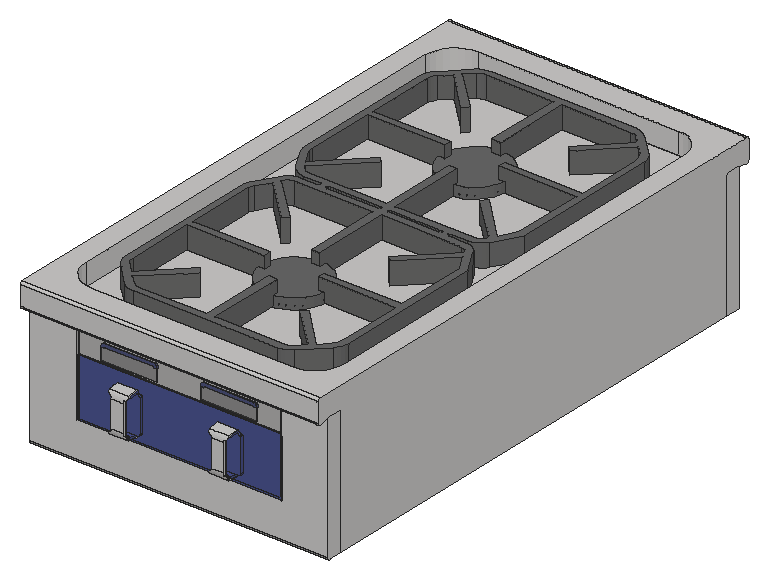
Revit family "QF_ELECTROLUXPROFESSIONAL_589068_MCGDAAEOPO", category Specialty Equipment, Revit 2018
Family settings
  Round Connector Dimension = Use Diameter
  Part Type = Normal
  Work Plane-Based = No
  Always vertical = Yes
  Cut with Voids When Loaded = No
  Shared = No
  Room Calculation Point = No
Parameters
  Weight in Pounds = 90.38
  Watts = 0 W
  URL Cutsheet = ""
  Type Mark [instance] = ""
  Status [instance] = ""
  Specification by User [instance] = ""
  Specification by Manufacturer = ""
  Serial Number = ""
  Seismic Rating = ""
  SMACNA No = ""
  Revision Code [instance] = ""
  Omniclass Number and Title = ""
  NAFEM Spec ID Number = ""
  Model = "589068"
  Mechanical Remarks [instance] = ""
  Mechanical Connection Type [instance] = ""
  Masterspec = ""
  Manufacturer = "ELECTROLUX"
  Item Number [instance] = ""
  Installed By [instance] = ""
  Identify Quantity as Lot [instance] = yes
  HP = "0 HP"
  Gas Size = 1/2"
  Gas RI Height [instance] = 0 mm
  Gas KW = 20
  Gas Input = 68180.0 Btu/h
  Gas Connection Height [instance] = 0 mm
  Furnished By [instance] = ""
  Foodservice Equipment Identifier [instance] = yes
  Direct Waste Size = 0"
  Description = "GAS TOP,2 BURNERS,1-SIDE,500X900X250H"
  CSI MasterFormat = ""
  CSI Master Format = ""
  Back Panel [instance] = yes
Reference planes
  plane 1 "BACK": y = 0
  plane 2: z = 0
  plane 3 "LEFT": x = 0
  plane 4 "RIGHT": x = 500
  plane 5 "FRONT": y = -900
  plane 6 "TOP": z = 250
  plane 7: x = 250
  plane 8: y = -450
  plane 9: x = 465
  plane 10: y = -60.425
Forms (mm)
  Extrusion 1, solid, material "QF_Finishes_Stainless Steel"
    sketch origin (0, -487.128, 0) x (0, 1, 0) y (0, 0, 1)
      loop
        line (483.128, 250) -> (-408.872, 250)
        arc (-408.872, 250) -> (-411.7, 248.828) -> (-412.872, 246) r 4
        line (-412.872, 246) -> (-412.872, 214)
        arc (-412.872, 214) -> (-411.437, 210.931) -> (-408.161, 210.064) r 4
        line (-408.161, 210.064) -> (-392.872, 213) -> (-367.872, 213) -> (-367.872, 0) -> (441.714, 0) -> (441.714, 213) -> (465.765, 213) -> (482.433, 210.061)
        arc (482.433, 210.061) -> (485.699, 210.936) -> (487.128, 214) r 4
        line (487.128, 214) -> (487.128, 246)
        arc (487.128, 246) -> (485.956, 248.828) -> (483.128, 250) r 4
    from 0 to 500
  Extrusion 2, solid, material "QF_Finishes_Stainless Steel", visible <- "Back Panel"
    sketch origin (0, 0.586, 0) x (0, 1, 0) y (0, 0, 1)
      loop
        line (-46, 0) -> (-21, 0) -> (-21, 212.833) -> (-21.949, 213) -> (-46, 213) -> (-46, 0)
    from 0 to 500
  Extrusion 3, void
    sketch origin (653.786, 44.048, 250) x (1, 0, 0) y (0, -1, 0)
      loop
        line (-570.234, 89.462) -> (-235.321, 89.462)
        arc (-235.321, 89.462) -> (-200.694, 103.805) -> (-186.351, 138.432) r 48.97
        line (-186.351, 138.432) -> (-186.351, 850.078)
        arc (-186.351, 850.078) -> (-200.694, 884.705) -> (-235.321, 899.048) r 48.97
        line (-235.321, 899.048) -> (-570.234, 899.048)
        arc (-570.234, 899.048) -> (-605.59, 884.403) -> (-620.234, 849.048) r 50
        line (-620.234, 849.048) -> (-620.234, 139.462)
        arc (-620.234, 139.462) -> (-605.59, 104.107) -> (-570.234, 89.462) r 50
    from 0 to 37
  Extrusion 4, solid, material "QF_Finishes_Stainless Steel"
    sketch origin (10, -759, 0) x (1, 0, 0) y (0, -1, 0)
      loop
        circle (455, -169) r 6.35
    from 0 to 3.2
Cuts and joins
  Extrusion 3 cuts Extrusion 1
Lines and regions (mm)
  symbolic lines
    curve 1: line (0, 0, 0) -> (500, 0, 0)
    curve 2: line (0, -900, 0) -> (0, 0, 0)
    curve 3: line (500, -900, 0) -> (0, -900, 0)
    curve 4: line (500, 0, 0) -> (500, -900, 0)
    curve 5: arc (83.552, -855, 0) -> (48.197, -840.355, 0) -> (33.552, -805, 0) r 50
    curve 6: line (33.552, -805, 0) -> (33.552, -95.414, 0)
    curve 7: arc (33.552, -95.414, 0) -> (48.197, -60.059, 0) -> (83.552, -45.414, 0) r 50
    curve 8: line (83.552, -45.414, 0) -> (418.465, -45.414, 0)
    curve 9: arc (418.465, -45.414, 0) -> (453.092, -59.757, 0) -> (467.435, -94.384, 0) r 48.97
    curve 10: line (467.435, -94.384, 0) -> (467.435, -806.03, 0)
    curve 11: arc (467.435, -806.03, 0) -> (453.092, -840.657, 0) -> (418.465, -855, 0) r 48.97
    curve 12: line (418.465, -855, 0) -> (83.552, -855, 0)
Dimensions and locks
  plane 3 "LEFT" to plane 4 "RIGHT" = 500 mm
  plane 5 "FRONT" to plane 1 "BACK" = 900 mm
  equal spacing: plane 3 "LEFT", plane 7, plane 4 "RIGHT"
  equal spacing: plane 5 "FRONT", plane 8, plane 1 "BACK"
  plane 6 "TOP" to level = 250 mm  (x2)
  plane 1 "BACK" to plane 5 "FRONT" = 900 mm
  Extrusion 4 sketch curve to plane 1 "BACK" = 590 mm
  Extrusion 4 sketch curve to plane 4 "RIGHT" = 35 mm
  plane 1 "BACK" to Extrusion 4 = 590 mm
  plane 9 to plane 4 "RIGHT" = 35 mm
  aligned and locked: level to plane 2
  aligned and locked: plane 7 to nested 1
  aligned and locked: Extrusion 1 to plane 4 "RIGHT"
Automatic sketch dimensions
  Extrusion 1 sketch curve to plane 5 "FRONT" = 0 mm
  Extrusion 1 sketch curve to plane 6 "TOP" = 0 mm
  Extrusion 1 sketch curve to level = 0 mm
  Extrusion 1 sketch curve to plane 1 "BACK" = 0 mm
  Extrusion 1 sketch curve to plane 6 "TOP" = 37 mm  (x2)
  Extrusion 1 sketch curve to plane 5 "FRONT" = 4 mm
  Extrusion 1 sketch curve to plane 5 "FRONT" = 20 mm
  Extrusion 1 sketch curve to plane 5 "FRONT" = 45 mm
  plane 1 "BACK" to Extrusion 1 sketch curve = 21.363 mm
  plane 1 "BACK" to Extrusion 1 sketch curve = 4 mm  (x2)
  Extrusion 1 sketch curve to Extrusion 1 sketch curve = 4 mm
  Extrusion 1 sketch curve to Extrusion 1 sketch curve = 0.711 mm
  plane 1 "BACK" to Extrusion 1 sketch curve = 4.695 mm
  Extrusion 1 sketch curve to Extrusion 1 sketch curve = 0 mm  (x2)
  Extrusion 1 sketch curve to Extrusion 1 sketch curve = 1 mm  (x2)
  plane 1 "BACK" to Extrusion 1 sketch curve = 45.414 mm
  plane 1 "BACK" to curve 1 = 0 mm
  curve 1 to plane 4 "RIGHT" = 0 mm
  curve 2 to plane 3 "LEFT" = 0 mm
  plane 5 "FRONT" to curve 2 = 0 mm
  Extrusion 3 sketch curve to Extrusion 3 sketch curve = 50 mm  (x2)
  Extrusion 1 to Extrusion 3 sketch curve = 81.535 mm  (x2)
  Extrusion 1 to Extrusion 3 sketch curve = 41 mm
  Extrusion 1 to Extrusion 3 sketch curve = 32.565 mm
  Extrusion 1 to Extrusion 3 sketch curve = 33.552 mm
  Extrusion 1 to Extrusion 3 sketch curve = 91.414 mm
  Extrusion 2 sketch curve to level = 0 mm
  plane 10 to Extrusion 2 sketch curve = 15.012 mm
  Extrusion 2 sketch curve to plane 6 "TOP" = 37.167 mm
  Extrusion 2 sketch curve to Extrusion 2 sketch curve = 0.949 mm
  plane 1 "BACK" to Extrusion 2 sketch curve = 20.414 mm
  Extrusion 2 sketch curve to plane 6 "TOP" = 37 mm
  curve 10 to plane 9 = 2.435 mm
  plane 10 to curve 8 = 15.012 mm
  plane 9 to curve 8 = 46.535 mm
  plane 3 "LEFT" to curve 8 = 83.552 mm
  plane 3 "LEFT" to curve 6 = 33.552 mm
  curve 6 to plane 5 "FRONT" = 95 mm
  plane 9 to curve 12 = 46.535 mm
  curve 10 to plane 5 "FRONT" = 93.97 mm
  radius of Extrusion 4 sketch curve = 6.35 mm
Nested families
  nested 1: "EG_900_500_Double Range Control Handle Front Panel" at (202.376, -855, -650), type "EG_900_500_Double Range Control Handle Front Panel"
  nested 2: "OBT_900_Open Burner" at (250, -450.207, -649.319), type "OBT_900_Open Burner"
Connectors
  piping at (465, -590, -3.2), diameter 12.8
    settings: on Extrusion 4, index 1, connector inside diameter 0.50394", connector length 0 mm, flow factor 0, pipe flow 0 GPM, pressure drop 0.00 psi, fitting loss kfactor 0, connector angle 0.00°, fixture units 0, engagement length 0 mm, angle of deflection 0.00°, flow configuration 1, flow direction 1, fitting loss method 0, system type 7, joint type 0, gender type 0, connector reference index -1, connector utility 0, adjustable connector no, is connector primary yes, connector description "GAS CONNECTION"
Definition of nested family "EG_900_500_Double Range Control Handle Front Panel"
  Reference planes
    plane 1 "Center (Front/Back)": y = 0
    plane 2: z = 0
    plane 3 "Center (Left/Right)": x = 47.624
    plane 4: x = -202.376
    plane 5: x = 297.624
    plane 6: y = -45
  Forms (mm)
    Extrusion 1, solid
      sketch origin (833.217, 829.203, -1.25) x (0, 1, 0) y (0, 0, 1)
        loop
          arc (-854.203, 654.25) -> (-853.324, 652.129) -> (-851.203, 651.25) r 3
          line (-851.203, 651.25) -> (-829.203, 651.25) -> (-829.203, 864.25) -> (-854.203, 864.25) -> (-854.203, 654.25)
      from -1035.593 to -535.593
    Extrusion 2, void
      sketch origin (33.217, 829.203, -1.25) x (1, 0, 0) y (0, 0, 1)
        loop
          line (-157.593, 855.116) -> (-157.593, 713.116) -> (186.407, 713.116) -> (186.407, 855.116) -> (-157.593, 855.116)
      from 848.59 to 854.203
  Cuts and joins
    Extrusion 2 cuts Extrusion 1
  Dimensions and locks
    equal spacing: plane 5, plane 3 "Center (Left/Right)", plane 4
    plane 5 to plane 4 = 500 mm
    equal spacing: nested 3, nested 2, nested 1
    aligned and locked: cut or joined group of Extrusion 1, Extrusion 2 to plane 4
    aligned and locked: plane 5 to cut or joined group of Extrusion 1, Extrusion 2
    aligned and locked: plane 3 "Center (Left/Right)" to nested 2
    aligned and locked: cut or joined group of Extrusion 1, Extrusion 2 to nested 2
  Automatic sketch dimensions
    Extrusion 1 sketch curve to plane 1 "Center (Front/Back)" = 0 mm
    plane 1 "Center (Front/Back)" to Extrusion 1 sketch curve = 22 mm
    Extrusion 1 sketch curve to Extrusion 1 sketch curve = 3 mm
    level to Extrusion 1 sketch curve = 650 mm
    Extrusion 1 sketch curve to Extrusion 1 sketch curve = 210 mm
    plane 4 to Extrusion 2 sketch curve = 78 mm
    Extrusion 2 sketch curve to plane 5 = 78 mm
    level to Extrusion 2 sketch curve = 711.866 mm
    Extrusion 2 sketch curve to Extrusion 2 sketch curve = 142 mm
  Nested families
    nested 1: "Range Control Handle" at (-36.126, -28.137, -209.113) x (-1, 0, 0) z (0, 0, 1), type "Range Control Handle"
    nested 2: "glass conrol panel" at (47.624, 280.644, 2.752), type "glass conrol panel"
    nested 3: "Range Control Handle" at (131.374, -28.137, -209.113), type "Range Control Handle"
  Definition of nested family "Range Control Handle"
    Reference planes
      plane 1 "Center (Front/Back)": y = 0
      plane 2: z = 0
      plane 3 "Center (Left/Right)": x = 0
      plane 4: z = 971.092
      plane 5: y = -16.9
    Forms (mm)
      Extrusion 1, solid
        sketch origin (-746.28, 380.497, 208.931) x (-1, 0, 0) y (0, 0, 1)
          loop
            line (-770.101, 786.798) -> (-770.101, 731.649)
            arc (-770.101, 731.649) -> (-769.759, 730.563) -> (-768.855, 729.87) r 1.893
            line (-768.855, 729.87) -> (-763.474, 727.911) -> (-729.81, 727.911) -> (-724.428, 729.87)
            arc (-724.428, 729.87) -> (-723.525, 730.563) -> (-723.183, 731.649) r 1.893
            line (-723.183, 731.649) -> (-723.183, 786.798)
            arc (-723.183, 786.798) -> (-723.529, 787.894) -> (-724.44, 788.593) r 1.91
            line (-724.44, 788.593) -> (-729.683, 790.819) -> (-763.601, 790.819) -> (-768.844, 788.593)
            arc (-768.844, 788.593) -> (-769.755, 787.894) -> (-770.101, 786.798) r 1.91
        from -382.35 to -378.852
      Sweep 2, solid
        path origin (-746.788, 380.496, 208.091) x (0, -1, 0) y (0, 0, 1)
          loop
            line (379.775, 793.281) -> (395.661, 791.048)
            arc (395.661, 791.048) -> (397.781, 787.377) -> (398.517, 783.202) r 12.207
            line (398.517, 783.202) -> (398.517, 737.368)
            arc (398.517, 737.368) -> (397.781, 733.193) -> (395.661, 729.522) r 12.207
            line (395.661, 729.522) -> (379.775, 727.289)
        profile origin (-746.788, -7.222, 1000.256) x (0, -0.139173, 0.990268) y (-1, 0, 0)
          loop
            line (0.782, -763.123) -> (0.782, -730.907) -> (-1.322, -730.907) -> (-1.322, -763.123) -> (0.782, -763.123)
      Sweep 3, solid
        path origin (-746.788, 380.715, 207.832) x (0, -1, 0) y (0, 0, 1)
          loop
            line (380.478, 795.442) -> (397.218, 793.09)
            arc (397.218, 793.09) -> (399.929, 788.473) -> (400.871, 783.202) r 15.207
            line (400.871, 783.202) -> (400.871, 737.584)
            arc (400.871, 737.584) -> (399.914, 732.274) -> (397.164, 727.633) r 15.207
            line (397.164, 727.633) -> (380.601, 725.305)
        profile origin (-746.788, -8.132, 1002.099) x (0, -0.139173, 0.990268) y (-1, 0, 0)
          loop
            line (0.782, -763.123) -> (0.782, -730.907) -> (-1.322, -730.907) -> (-1.322, -763.123) -> (0.782, -763.123)
      Extrusion 4, void
        sketch origin (889.253, 220.666, 207.993) x (1, 0, 0) y (0, 0, 1)
          loop
            line (-943.038, 816.854) -> (-943.038, 703.686) -> (-899.466, 734.196) -> (-899.466, 786.344) -> (-943.038, 816.854)
        from 230.636 to 242.25
      Extrusion 5, void
        sketch origin (-888.8, 220.666, 207.993) x (-1, 0, 0) y (0, 0, -1)
          loop
            line (-943.038, -816.854) -> (-899.466, -786.344) -> (-899.466, -734.196) -> (-943.038, -703.686) -> (-943.038, -816.854)
        from 230.636 to 242.25
      Extrusion 6, solid
        sketch origin (0, 0, 0) x (1, 0, 0) y (0, 0, 1)
          loop
            circle (0, 971.092) r 7.736
        from -3.137 to -1.645
    Cuts and joins
      Extrusion 4, Extrusion 5 cuts Sweep 3
      Extrusion 4, Extrusion 5 cuts Sweep 2
      joined: Extrusion 1, Extrusion 6
    Lines and regions (mm)
      symbolic lines
        curve 1: line (16.334, -16.9, 0) -> (16.334, -19.227, 0)
        curve 2: spline (16.334, -19.227, 0) -> (15.87, -19.385, 0) -> (15.404, -19.536, 0) -> (14.936, -19.678, 0) -> (14.466, -19.813, 0) -> (13.995, -19.94, 0) -> (13.523, -20.059, 0) -> (13.049, -20.171, 0) -> (12.575, -20.274, 0) -> (12.099, -20.37, 0) -> (11.622, -20.458, 0) -> (11.144, -20.537, 0) -> (10.666, -20.609, 0)
        curve 3: line (10.666, -16.9, 0) -> (10.666, -20.938, 0)
        curve 4: line (-10.213, -20.938, 0) -> (10.666, -20.938, 0)
        curve 5: line (-10.213, -20.938, 0) -> (-10.213, -16.9, 0)
        curve 6: spline (-10.213, -20.609, 0) -> (-10.691, -20.537, 0) -> (-11.169, -20.458, 0) -> (-11.646, -20.37, 0) -> (-12.122, -20.274, 0) -> (-12.597, -20.171, 0) -> (-13.07, -20.059, 0) -> (-13.542, -19.94, 0) -> (-14.013, -19.813, 0) -> (-14.483, -19.678, 0) -> (-14.951, -19.536, 0) -> (-15.417, -19.385, 0) -> (-15.881, -19.227, 0)
        curve 7: line (-15.881, -19.227, 0) -> (-15.881, -16.9, 0)
  Definition of nested family "glass conrol panel"
    Reference planes
      plane 1 "Center (Front/Back)": y = 0
      plane 2: z = 0
      plane 3 "Center (Left/Right)": x = 0
    Forms (mm)
      Extrusion 1, solid
        sketch origin (378.286, 0, 0.617) x (1, 0, 0) y (0, 0, 1)
          loop
            line (-550.286, 806.791) -> (-550.286, 708.497) -> (-206.286, 708.497) -> (-206.286, 806.791) -> (-550.286, 806.791)
        from 300.031 to 304.8
      Extrusion 2, solid
        sketch origin (378.286, 0, 0.617) x (1, 0, 0) y (0, 0, 1)
          loop
            line (-550.286, 850.497) -> (-550.286, 806.791) -> (-206.286, 806.791) -> (-206.286, 850.497) -> (-550.286, 850.497)
        from 300.031 to 304.8
      Extrusion 3, void
        sketch origin (378.286, 0, 0.617) x (1, 0, 0) y (0, 0, 1)
          loop
            line (-547.628, 847.565) -> (-547.628, 710.699) -> (-209.196, 710.699) -> (-209.196, 847.565) -> (-547.628, 847.565)
        from 303.697 to 304.8
      Extrusion 4, solid
        sketch origin (-392.059, 1.101, -0.633) x (-1, 0, 0) y (0, 0, -1)
          loop
            line (-261.431, -812.62) -> (-355.186, -812.62) -> (-355.186, -834.177) -> (-350.269, -834.177) -> (-348.469, -835.977) -> (-268.039, -835.977) -> (-266.24, -834.177) -> (-261.431, -834.177) -> (-261.431, -812.62)
        from 304.798 to 306.745
      Extrusion 5, solid
        sketch origin (-392.059, 1.101, -0.633) x (-1, 0, 0) y (0, 0, -1)
          loop
            line (-350.269, -834.177) -> (-355.078, -834.177)
            arc (-355.078, -834.177) -> (-353.942, -838.747) -> (-349.686, -840.763) r 5.5
            line (-349.686, -840.763) -> (-266.98, -840.763)
            arc (-266.98, -840.763) -> (-262.706, -838.752) -> (-261.529, -834.177) r 5.549
            line (-261.529, -834.177) -> (-266.24, -834.177) -> (-268.039, -835.977) -> (-348.469, -835.977) -> (-350.269, -834.177)
        from 304.798 to 306.745
      Extrusion 6, solid
        sketch origin (392.059, 1.101, -0.633) x (1, 0, 0) y (0, 0, 1)
          loop
            line (-261.431, 812.62) -> (-261.431, 834.177) -> (-266.24, 834.177) -> (-268.039, 835.977) -> (-348.469, 835.977) -> (-350.269, 834.177) -> (-355.186, 834.177) -> (-355.186, 812.62) -> (-261.431, 812.62)
        from 304.798 to 306.745
      Extrusion 7, solid
        sketch origin (392.059, 1.101, -0.633) x (1, 0, 0) y (0, 0, 1)
          loop
            line (-350.269, 834.177) -> (-348.469, 835.977) -> (-268.039, 835.977) -> (-266.24, 834.177) -> (-261.529, 834.177)
            arc (-261.529, 834.177) -> (-262.706, 838.752) -> (-266.98, 840.763) r 5.549
            line (-266.98, 840.763) -> (-349.686, 840.763)
            arc (-349.686, 840.763) -> (-353.942, 838.747) -> (-355.078, 834.177) r 5.5
            line (-355.078, 834.177) -> (-350.269, 834.177)
        from 304.798 to 306.745
    Cuts and joins
      Extrusion 3 cuts Extrusion 1
      Extrusion 3 cuts Extrusion 2
    Dimensions and locks
      aligned and locked: Extrusion 1 to Extrusion 2
      aligned and locked: Extrusion 5 sketch curve to Extrusion 4  (x5)
      aligned and locked: Extrusion 5 to Extrusion 4
      aligned and locked: Extrusion 7 sketch curve to Extrusion 6  (x4)
      aligned and locked: Extrusion 6 to Extrusion 7 sketch curve
      aligned and locked: Extrusion 7 to Extrusion 6
Definition of nested family "OBT_900_Open Burner"
  Reference planes
    plane 1 "Center (Front/Back)": y = 0
    plane 2: z = 0
    plane 3 "Center (Left/Right)": x = 0
    plane 4: x = -186.448
    plane 5: x = 187.435
    plane 6: y = 374.793
    plane 7: y = -374.793
    plane 8: y = -188.326
  Forms (mm)
    Extrusion 1, solid
      sketch origin (2130.573, 56.896, -679.622) x (1, 0, 0) y (0, 1, 0)
        loop
          line (-2137.44, 306.49) -> (-2250.793, 306.49)
          arc (-2250.793, 306.49) -> (-2257.908, 305.075) -> (-2263.94, 301.044) r 18.593
          line (-2263.94, 301.044) -> (-2276.233, 288.751) -> (-2213.48, 225.998) -> (-2221.6, 217.877) -> (-2284.354, 280.631) -> (-2300.33, 264.654)
          arc (-2300.33, 264.654) -> (-2304.433, 258.337) -> (-2305.614, 250.897) r 18.125
          line (-2305.614, 250.897) -> (-2305.614, 138.422) -> (-2175.79, 138.422) -> (-2175.79, 126.938) -> (-2305.614, 126.938) -> (-2305.614, 10.897)
          arc (-2305.614, 10.897) -> (-2304.981, 6.085) -> (-2303.123, 1.601) r 18.593
          line (-2303.123, 1.601) -> (-2290.078, -20.994) -> (-2221.6, 47.483) -> (-2213.48, 39.363) -> (-2284.012, -31.169)
          arc (-2284.012, -31.169) -> (-2278.546, -38.527) -> (-2270.23, -42.379) r 18.593
          line (-2270.23, -42.379) -> (-2137.44, -42.379) -> (-2137.44, 87.464) -> (-2123.707, 87.464) -> (-2123.707, -42.379) -> (-1989.813, -42.379)
          arc (-1989.813, -42.379) -> (-1981.496, -38.527) -> (-1976.031, -31.169) r 18.593
          line (-1976.031, -31.169) -> (-2047.115, 39.915) -> (-2038.994, 48.035) -> (-1969.962, -20.997) -> (-1954.428, 5.916) -> (-1954.428, 126.938) -> (-2085.357, 126.938) -> (-2085.357, 138.422) -> (-1954.428, 138.422) -> (-1954.428, 247.888)
          arc (-1954.428, 247.888) -> (-1956.538, 258.496) -> (-1962.547, 267.489) r 27.72
          line (-1962.547, 267.489) -> (-1975.689, 280.631) -> (-2038.994, 217.325) -> (-2047.115, 225.446) -> (-1983.809, 288.751) -> (-1996.102, 301.044)
          arc (-1996.102, 301.044) -> (-2002.134, 305.075) -> (-2009.25, 306.49) r 18.593
          line (-2009.25, 306.49) -> (-2123.707, 306.49) -> (-2123.707, 177.897) -> (-2137.44, 177.897) -> (-2137.44, 306.49)
        loop
          arc (-2317.021, 10.897) -> (-2315.999, 3.132) -> (-2313.002, -4.103) r 30
          line (-2313.002, -4.103) -> (-2292.795, -39.103)
          arc (-2292.795, -39.103) -> (-2281.814, -50.084) -> (-2266.814, -54.103) r 30
          line (-2266.814, -54.103) -> (-2239.287, -54.103)
          arc (-2239.287, -54.103) -> (-2238.243, -56) -> (-2236.272, -56.896) r 3.438
          arc (-2236.272, -56.896) -> (-2238.243, -57.792) -> (-2239.287, -59.689) r 3.438
          line (-2239.287, -59.689) -> (-2266.814, -59.689)
          arc (-2266.814, -59.689) -> (-2281.814, -63.708) -> (-2292.795, -74.689) r 30
          line (-2292.795, -74.689) -> (-2313.002, -109.689)
          arc (-2313.002, -109.689) -> (-2315.999, -116.924) -> (-2317.021, -124.689) r 30
          line (-2317.021, -124.689) -> (-2317.021, -365.461)
          arc (-2317.021, -365.461) -> (-2314.738, -376.941) -> (-2308.234, -386.674) r 30
          line (-2308.234, -386.674) -> (-2271.975, -422.933)
          arc (-2271.975, -422.933) -> (-2262.253, -429.414) -> (-2250.793, -431.689) r 30
          line (-2250.793, -431.689) -> (-2009.25, -431.689)
          arc (-2009.25, -431.689) -> (-1997.786, -429.412) -> (-1988.062, -422.928) r 30
          line (-1988.062, -422.928) -> (-1951.808, -386.674)
          arc (-1951.808, -386.674) -> (-1945.305, -376.941) -> (-1942.982, -365.461) r 30
          line (-1942.982, -365.461) -> (-1942.982, -116.719) -> (-1967.248, -74.689)
          arc (-1967.248, -74.689) -> (-1978.229, -63.708) -> (-1993.229, -59.689) r 30
          line (-1993.229, -59.689) -> (-2020.319, -59.689)
          arc (-2020.319, -59.689) -> (-2021.979, -57.759) -> (-2024.375, -56.896) r 5
          arc (-2024.375, -56.896) -> (-2021.979, -56.033) -> (-2020.319, -54.103) r 5
          line (-2020.319, -54.103) -> (-1993.229, -54.103)
          arc (-1993.229, -54.103) -> (-1978.229, -50.084) -> (-1967.248, -39.103) r 30
          line (-1967.248, -39.103) -> (-1943.138, 2.656) -> (-1943.138, 254.314)
          arc (-1943.138, 254.314) -> (-1945.839, 264.361) -> (-1951.808, 272.882) r 30
          line (-1951.808, 272.882) -> (-1988.062, 309.136)
          arc (-1988.062, 309.136) -> (-1997.786, 315.62) -> (-2009.25, 317.897) r 30
          line (-2009.25, 317.897) -> (-2250.793, 317.897)
          arc (-2250.793, 317.897) -> (-2262.253, 315.622) -> (-2271.975, 309.141) r 30
          line (-2271.975, 309.141) -> (-2308.234, 272.882)
          arc (-2308.234, 272.882) -> (-2314.738, 263.149) -> (-2317.021, 251.669) r 30
          line (-2317.021, 251.669) -> (-2317.021, 10.897)
        loop
          arc (-2122.397, -54.103) -> (-2124.057, -56.033) -> (-2126.452, -56.896) r 5
          arc (-2126.452, -56.896) -> (-2124.057, -57.759) -> (-2122.397, -59.689) r 5
          line (-2122.397, -59.689) -> (-2035.829, -59.689)
          arc (-2035.829, -59.689) -> (-2034.784, -57.792) -> (-2032.813, -56.896) r 3.438
          arc (-2032.813, -56.896) -> (-2034.784, -56) -> (-2035.829, -54.103) r 3.438
          line (-2035.829, -54.103) -> (-2122.397, -54.103)
        loop
          arc (-2223.778, -54.103) -> (-2225.438, -56.033) -> (-2227.833, -56.896) r 5
          arc (-2227.833, -56.896) -> (-2225.438, -57.759) -> (-2223.778, -59.689) r 5
          line (-2223.778, -59.689) -> (-2137.906, -59.689)
          arc (-2137.906, -59.689) -> (-2136.862, -57.792) -> (-2134.891, -56.896) r 3.438
          arc (-2134.891, -56.896) -> (-2136.862, -56) -> (-2137.906, -54.103) r 3.438
          line (-2137.906, -54.103) -> (-2223.778, -54.103)
        loop
          line (-2137.44, -420.282) -> (-2137.44, -290.439) -> (-2123.707, -290.439) -> (-2123.707, -420.282) -> (-2009.25, -420.282)
          arc (-2009.25, -420.282) -> (-2002.134, -418.867) -> (-1996.102, -414.836) r 18.593
          line (-1996.102, -414.836) -> (-1983.184, -401.918) -> (-2047.115, -337.988) -> (-2038.994, -329.867) -> (-1975.064, -393.798) -> (-1962.547, -381.281)
          arc (-1962.547, -381.281) -> (-1956.538, -372.288) -> (-1954.428, -361.68) r 27.72
          line (-1954.428, -361.68) -> (-1954.428, -250.964) -> (-2085.357, -250.964) -> (-2085.357, -239.48) -> (-1954.428, -239.48) -> (-1954.428, -119.708) -> (-1970.42, -92.003) -> (-2038.994, -160.577) -> (-2047.115, -152.457) -> (-1976.413, -81.755)
          arc (-1976.413, -81.755) -> (-1981.868, -74.971) -> (-1989.813, -71.413) r 18.593
          line (-1989.813, -71.413) -> (-2123.707, -71.413) -> (-2123.707, -200.006) -> (-2137.44, -200.006) -> (-2137.44, -71.413) -> (-2270.23, -71.413)
          arc (-2270.23, -71.413) -> (-2278.175, -74.971) -> (-2283.629, -81.755) r 18.593
          line (-2283.629, -81.755) -> (-2213.48, -151.905) -> (-2221.6, -160.025) -> (-2289.62, -92.005) -> (-2303.123, -115.393)
          arc (-2303.123, -115.393) -> (-2304.981, -119.877) -> (-2305.614, -124.689) r 18.593
          line (-2305.614, -124.689) -> (-2305.614, -239.48) -> (-2175.79, -239.48) -> (-2175.79, -250.964) -> (-2305.614, -250.964) -> (-2305.614, -364.689)
          arc (-2305.614, -364.689) -> (-2304.433, -372.129) -> (-2300.33, -378.446) r 18.125
          line (-2300.33, -378.446) -> (-2284.979, -393.798) -> (-2221.6, -330.419) -> (-2213.48, -338.54) -> (-2276.858, -401.918) -> (-2263.94, -414.836)
          arc (-2263.94, -414.836) -> (-2257.908, -418.867) -> (-2250.793, -420.282) r 18.593
          line (-2250.793, -420.282) -> (-2137.44, -420.282)
      from 1542.072 to 1578.941
    Extrusion 2, solid
      sketch origin (2130.573, 61.122, 0) x (1, 0, 0) y (0, 1, 0)
        loop
          circle (-2130.573, -249.448) r 55
        loop
          circle (-2130.573, 128.455) r 55
      from 862.45 to 879.837
    Extrusion 3, void
      sketch origin (-124.371, -355.785, -22.784) x (-0.587785, -0.809017, 0) y (0, 0, 1)
        loop
          circle (-213.495, 891.283) r 1
      from -67.69 to -35.114
    Extrusion 4, void
      sketch origin (-89.903, -376.417, -22.784) x (-0.422618, -0.906308, 0) y (0, 0, 1)
        loop
          circle (-213.495, 891.283) r 1
      from -74.826 to -35.114
    Extrusion 5, void
      sketch origin (-52.131, -390.093, -22.784) x (-0.241922, -0.970296, 0) y (0, 0, 1)
        loop
          circle (-213.495, 891.283) r 1
      from -67.69 to -35.114
    Extrusion 6, void
      sketch origin (27.702, -394.842, -22.784) x (0.139173, -0.990268, 0) y (0, 0, 1)
        loop
          circle (-213.495, 891.283) r 1
      from -67.69 to -35.114
    Extrusion 7, void
      sketch origin (66.829, -385.74, -22.784) x (0.325568, -0.945519, 0) y (0, 0, 1)
        loop
          circle (-213.495, 891.283) r 1
      from -67.69 to -35.114
    Extrusion 8, void
      sketch origin (103.5, -369.339, -22.784) x (0.5, -0.866025, 0) y (0, 0, 1)
        loop
          circle (-213.495, 891.283) r 1
      from -67.69 to -35.114
    Extrusion 9, void
      sketch origin (136.368, -346.242, -22.784) x (0.656059, -0.75471, 0) y (0, 0, 1)
        loop
          circle (-213.495, 891.283) r 1
      from -67.69 to -35.114
    Extrusion 10, void
      sketch origin (164.225, -317.298, -22.784) x (0.788011, -0.615661, 0) y (0, 0, 1)
        loop
          circle (-213.495, 891.283) r 1
      from -67.69 to -35.114
    Extrusion 11, void
      sketch origin (186.048, -283.571, -22.784) x (0.891007, -0.45399, 0) y (0, 0, 1)
        loop
          circle (-213.495, 891.283) r 1
      from -67.69 to -35.114
    Extrusion 12, void
      sketch origin (201.034, -246.299, -22.784) x (0.961262, -0.275637, 0) y (0, 0, 1)
        loop
          circle (-213.495, 891.283) r 1
      from -67.69 to -35.114
    Extrusion 13, void
      sketch origin (208.566, -166.681, -22.784) x (0.994522, 0.104528, 0) y (0, 0, 1)
        loop
          circle (-213.495, 891.283) r 1
      from -67.69 to -35.114
    Extrusion 14, void
      sketch origin (200.835, -127.26, -22.784) x (0.956305, 0.292372, 0) y (0, 0, 1)
        loop
          circle (-213.495, 891.283) r 1
      from -67.69 to -35.114
    Extrusion 15, void
      sketch origin (185.724, -90.039, -22.784) x (0.882948, 0.469472, 0) y (0, 0, 1)
        loop
          circle (-213.495, 891.283) r 1
      from -67.69 to -35.114
    Extrusion 16, void
      sketch origin (163.788, -56.385, -22.784) x (0.777146, 0.62932, 0) y (0, 0, 1)
        loop
          circle (-213.495, 891.283) r 1
      from -67.69 to -35.114
    Extrusion 17, void
      sketch origin (135.834, -27.534, -22.784) x (0.642788, 0.766044, 0) y (0, 0, 1)
        loop
          circle (-213.495, 891.283) r 1
      from -67.69 to -35.114
    Extrusion 18, void
      sketch origin (102.889, -4.548, -22.784) x (0.48481, 0.87462, 0) y (0, 0, 1)
        loop
          circle (-213.495, 891.283) r 1
      from -67.69 to -35.114
    Extrusion 19, void
      sketch origin (66.163, 11.73, -22.784) x (0.309017, 0.951057, 0) y (0, 0, 1)
        loop
          circle (-213.495, 891.283) r 1
      from -67.69 to -35.114
    Extrusion 20, void
      sketch origin (-52.811, 15.685, -22.784) x (-0.258819, 0.965926, 0) y (0, 0, 1)
        loop
          circle (-213.495, 891.283) r 1
      from -67.69 to -35.114
    Extrusion 21, void
      sketch origin (-90.537, 1.882, -22.784) x (-0.438371, 0.898794, 0) y (0, 0, 1)
        loop
          circle (-213.495, 891.283) r 1
      from -67.69 to -35.114
    Extrusion 22, void
      sketch origin (-124.936, -18.865, -22.784) x (-0.601815, 0.798636, 0) y (0, 0, 1)
        loop
          circle (-213.495, 891.283) r 1
      from -67.69 to -35.114
    Extrusion 23, void
      sketch origin (-154.744, -45.796, -22.784) x (-0.743145, 0.669131, 0) y (0, 0, 1)
        loop
          circle (-213.495, 891.283) r 1
      from -67.69 to -35.114
    Extrusion 24, void
      sketch origin (-178.866, -77.919, -22.784) x (-0.857167, 0.515038, 0) y (0, 0, 1)
        loop
          circle (-213.495, 891.283) r 1
      from -67.69 to -35.114
    Extrusion 25, void
      sketch origin (-196.416, -114.054, -22.784) x (-0.939693, 0.34202, 0) y (0, 0, 1)
        loop
          circle (-213.495, 891.283) r 1
      from -67.69 to -35.114
    Extrusion 26, void
      sketch origin (-204.521, -232.817, -22.784) x (-0.97437, -0.224951, 0) y (0, 0, 1)
        loop
          circle (-213.495, 891.283) r 1
      from -67.69 to -35.114
    Extrusion 27, void
      sketch origin (-192.043, -271.002, -22.784) x (-0.913545, -0.406737, 0) y (0, 0, 1)
        loop
          circle (-213.495, 891.283) r 1
      from -67.69 to -35.114
    Extrusion 28, void
      sketch origin (-172.509, -306.104, -22.784) x (-0.819152, -0.573576, 0) y (0, 0, 1)
        loop
          circle (-213.495, 891.283) r 1
      from -67.69 to -35.114
    Extrusion 29, void
      sketch origin (-146.635, -336.834, -22.784) x (-0.694658, -0.71934, 0) y (0, 0, 1)
        loop
          circle (-213.495, 891.283) r 1
      from -67.69 to -35.114
    Extrusion 30, void
      sketch origin (-124.371, 22.118, -22.784) x (-0.587785, -0.809017, 0) y (0, 0, 1)
        loop
          circle (-213.495, 891.283) r 1
      from -67.69 to -35.114
    Extrusion 31, void
      sketch origin (-89.903, 1.485, -22.784) x (-0.422618, -0.906308, 0) y (0, 0, 1)
        loop
          circle (-213.495, 891.283) r 1
      from -74.826 to -35.114
    Extrusion 32, void
      sketch origin (-52.131, -12.191, -22.784) x (-0.241922, -0.970296, 0) y (0, 0, 1)
        loop
          circle (-213.495, 891.283) r 1
      from -67.69 to -35.114
    Extrusion 33, void
      sketch origin (27.702, -16.939, -22.784) x (0.139173, -0.990268, 0) y (0, 0, 1)
        loop
          circle (-213.495, 891.283) r 1
      from -67.69 to -35.114
    Extrusion 34, void
      sketch origin (66.829, -7.837, -22.784) x (0.325568, -0.945519, 0) y (0, 0, 1)
        loop
          circle (-213.495, 891.283) r 1
      from -67.69 to -35.114
    Extrusion 35, void
      sketch origin (103.5, 8.564, -22.784) x (0.5, -0.866025, 0) y (0, 0, 1)
        loop
          circle (-213.495, 891.283) r 1
      from -67.69 to -35.114
    Extrusion 36, void
      sketch origin (136.368, 31.66, -22.784) x (0.656059, -0.75471, 0) y (0, 0, 1)
        loop
          circle (-213.495, 891.283) r 1
      from -67.69 to -35.114
    Extrusion 37, void
      sketch origin (164.225, 60.604, -22.784) x (0.788011, -0.615661, 0) y (0, 0, 1)
        loop
          circle (-213.495, 891.283) r 1
      from -67.69 to -35.114
    Extrusion 38, void
      sketch origin (186.048, 94.332, -22.784) x (0.891007, -0.45399, 0) y (0, 0, 1)
        loop
          circle (-213.495, 891.283) r 1
      from -67.69 to -35.114
    Extrusion 39, void
      sketch origin (201.034, 131.603, -22.784) x (0.961262, -0.275637, 0) y (0, 0, 1)
        loop
          circle (-213.495, 891.283) r 1
      from -67.69 to -35.114
    Extrusion 40, void
      sketch origin (208.566, 211.222, -22.784) x (0.994522, 0.104528, 0) y (0, 0, 1)
        loop
          circle (-213.495, 891.283) r 1
      from -67.69 to -35.114
    Extrusion 41, void
      sketch origin (200.835, 250.642, -22.784) x (0.956305, 0.292372, 0) y (0, 0, 1)
        loop
          circle (-213.495, 891.283) r 1
      from -67.69 to -35.114
    Extrusion 42, void
      sketch origin (185.724, 287.864, -22.784) x (0.882948, 0.469472, 0) y (0, 0, 1)
        loop
          circle (-213.495, 891.283) r 1
      from -67.69 to -35.114
    Extrusion 43, void
      sketch origin (163.788, 321.518, -22.784) x (0.777146, 0.62932, 0) y (0, 0, 1)
        loop
          circle (-213.495, 891.283) r 1
      from -67.69 to -35.114
    Extrusion 44, void
      sketch origin (135.834, 350.368, -22.784) x (0.642788, 0.766044, 0) y (0, 0, 1)
        loop
          circle (-213.495, 891.283) r 1
      from -67.69 to -35.114
    Extrusion 45, void
      sketch origin (102.889, 373.355, -22.784) x (0.48481, 0.87462, 0) y (0, 0, 1)
        loop
          circle (-213.495, 891.283) r 1
      from -67.69 to -35.114
    Extrusion 46, void
      sketch origin (66.163, 389.633, -22.784) x (0.309017, 0.951057, 0) y (0, 0, 1)
        loop
          circle (-213.495, 891.283) r 1
      from -67.69 to -35.114
    Extrusion 47, void
      sketch origin (-52.811, 393.588, -22.784) x (-0.258819, 0.965926, 0) y (0, 0, 1)
        loop
          circle (-213.495, 891.283) r 1
      from -67.69 to -35.114
    Extrusion 48, void
      sketch origin (-90.537, 379.785, -22.784) x (-0.438371, 0.898794, 0) y (0, 0, 1)
        loop
          circle (-213.495, 891.283) r 1
      from -67.69 to -35.114
    Extrusion 49, void
      sketch origin (-124.936, 359.037, -22.784) x (-0.601815, 0.798636, 0) y (0, 0, 1)
        loop
          circle (-213.495, 891.283) r 1
      from -67.69 to -35.114
    Extrusion 50, void
      sketch origin (-154.744, 332.107, -22.784) x (-0.743145, 0.669131, 0) y (0, 0, 1)
        loop
          circle (-213.495, 891.283) r 1
      from -67.69 to -35.114
    Extrusion 51, void
      sketch origin (-178.866, 299.984, -22.784) x (-0.857167, 0.515038, 0) y (0, 0, 1)
        loop
          circle (-213.495, 891.283) r 1
      from -67.69 to -35.114
    Extrusion 52, void
      sketch origin (-196.416, 263.848, -22.784) x (-0.939693, 0.34202, 0) y (0, 0, 1)
        loop
          circle (-213.495, 891.283) r 1
      from -67.69 to -35.114
    Extrusion 53, void
      sketch origin (-204.521, 145.086, -22.784) x (-0.97437, -0.224951, 0) y (0, 0, 1)
        loop
          circle (-213.495, 891.283) r 1
      from -67.69 to -35.114
    Extrusion 54, void
      sketch origin (-192.043, 106.901, -22.784) x (-0.913545, -0.406737, 0) y (0, 0, 1)
        loop
          circle (-213.495, 891.283) r 1
      from -67.69 to -35.114
    Extrusion 55, void
      sketch origin (-172.509, 71.798, -22.784) x (-0.819152, -0.573576, 0) y (0, 0, 1)
        loop
          circle (-213.495, 891.283) r 1
      from -67.69 to -35.114
    Extrusion 56, void
      sketch origin (-146.635, 41.068, -22.784) x (-0.694658, -0.71934, 0) y (0, 0, 1)
        loop
          circle (-213.495, 891.283) r 1
      from -67.69 to -35.114
  Cuts and joins
    Extrusion 3, Extrusion 4, Extrusion 5, Extrusion 6, Extrusion 7, Extrusion 8, Extrusion 9, Extrusion 10, Extrusion 11, Extrusion 12, Extrusion 13, Extrusion 14, Extrusion 15, Extrusion 16, Extrusion 17, Extrusion 18, Extrusion 19, Extrusion 20, Extrusion 21, Extrusion 22, Extrusion 23, Extrusion 24, Extrusion 25, Extrusion 26, Extrusion 27, Extrusion 28, Extrusion 29, Extrusion 30, Extrusion 31, Extrusion 32, Extrusion 33, Extrusion 34, Extrusion 35, Extrusion 36, Extrusion 37, Extrusion 38, Extrusion 39, Extrusion 40, Extrusion 41, Extrusion 42, Extrusion 43, Extrusion 44, Extrusion 45, Extrusion 46, Extrusion 47, Extrusion 48, Extrusion 49, Extrusion 50, Extrusion 51, Extrusion 52, Extrusion 53, Extrusion 54, Extrusion 55, Extrusion 56 cuts Extrusion 2
    Extrusion 32 cuts Extrusion 1
  Lines and regions (mm)
    symbolic lines
      curve 1: arc (54.699, -182.584, 0) -> (39.289, -149.838, 0) -> (6.867, -133.757, 0) r 55
      curve 2: arc (-54.699, -194.068, 0) -> (-39.289, -226.815, 0) -> (-6.867, -242.896, 0) r 55
      curve 3: line (45.217, -194.068, 0) -> (176.145, -194.068, 0)
      curve 4: line (176.145, -194.068, 0) -> (176.145, -304.784, 0)
      curve 5: arc (176.145, -304.784, 0) -> (174.035, -315.392, 0) -> (168.026, -324.385, 0) r 27.72
      curve 6: line (168.026, -324.385, 0) -> (155.51, -336.902, 0)
      curve 7: line (155.51, -336.902, 0) -> (91.579, -272.971, 0)
      curve 8: line (83.459, -281.092, 0) -> (147.389, -345.022, 0)
      curve 9: line (147.389, -345.022, 0) -> (134.471, -357.94, 0)
      curve 10: arc (134.471, -357.94, 0) -> (128.439, -361.971, 0) -> (121.324, -363.386, 0) r 18.593
      curve 11: line (121.324, -363.386, 0) -> (6.867, -363.386, 0)
      curve 12: line (6.867, -363.386, 0) -> (6.867, -233.543, 0)
      curve 13: line (-6.867, -233.543, 0) -> (-6.867, -363.386, 0)
      curve 14: line (-6.867, -363.386, 0) -> (-120.219, -363.386, 0)
      curve 15: arc (-120.219, -363.386, 0) -> (-127.335, -361.971, 0) -> (-133.367, -357.94, 0) r 18.593
      curve 16: line (-133.367, -357.94, 0) -> (-146.285, -345.022, 0)
      curve 17: line (-146.285, -345.022, 0) -> (-82.906, -281.644, 0)
      curve 18: line (-91.027, -273.523, 0) -> (-154.405, -336.902, 0)
      curve 19: line (-154.405, -336.902, 0) -> (-169.757, -321.55, 0)
      curve 20: arc (-169.757, -321.55, 0) -> (-173.86, -315.233, 0) -> (-175.041, -307.793, 0) r 18.125
      curve 21: line (-175.041, -307.793, 0) -> (-175.041, -194.068, 0)
      curve 22: line (-175.041, -194.068, 0) -> (-45.217, -194.068, 0)
      curve 23: line (-45.217, -182.584, 0) -> (-175.041, -182.584, 0)
      curve 24: line (-175.041, -182.584, 0) -> (-175.041, -67.793, 0)
      curve 25: arc (-175.041, -67.793, 0) -> (-174.407, -62.981, 0) -> (-172.55, -58.497, 0) r 18.593
      curve 26: line (-172.55, -58.497, 0) -> (-159.047, -35.109, 0)
      curve 27: line (-159.047, -35.109, 0) -> (-91.027, -103.129, 0)
      curve 28: line (-82.906, -95.009, 0) -> (-153.056, -24.859, 0)
      curve 29: arc (-153.056, -24.859, 0) -> (-147.601, -18.075, 0) -> (-139.656, -14.517, 0) r 18.593
      curve 30: line (-139.656, -14.517, 0) -> (-6.867, -14.517, 0)
      curve 31: line (-6.867, -14.517, 0) -> (-6.867, -143.11, 0)
      curve 32: line (6.867, -143.11, 0) -> (6.867, -14.517, 0)
      curve 33: line (6.867, -14.517, 0) -> (140.761, -14.517, 0)
      curve 34: arc (140.761, -14.517, 0) -> (148.706, -18.075, 0) -> (154.16, -24.859, 0) r 18.593
      curve 35: line (154.16, -24.859, 0) -> (83.459, -95.561, 0)
      curve 36: line (91.579, -103.681, 0) -> (160.154, -35.107, 0)
      curve 37: line (160.154, -35.107, 0) -> (176.145, -62.812, 0)
      curve 38: line (176.145, -62.812, 0) -> (176.145, -182.584, 0)
      curve 39: line (176.145, -182.584, 0) -> (45.217, -182.584, 0)
      curve 40: line (187.592, -59.823, 0) -> (163.326, -17.793, 0)
      curve 41: arc (163.326, -17.793, 0) -> (152.345, -6.812, 0) -> (137.345, -2.793, 0) r 30
      curve 42: line (137.345, -2.793, 0) -> (110.254, -2.793, 0)
      curve 43: arc (110.254, -2.793, 0) -> (108.594, -0.863, 0) -> (106.199, 0, 0) r 5
      curve 44: arc (106.199, 0, 0) -> (108.594, 0.863, 0) -> (110.254, 2.793, 0) r 5
      curve 45: line (110.254, 2.793, 0) -> (137.345, 2.793, 0)
      curve 46: arc (137.345, 2.793, 0) -> (152.345, 6.812, 0) -> (163.326, 17.793, 0) r 30
      curve 47: line (163.326, 17.793, 0) -> (187.435, 59.552, 0)
      curve 48: line (187.435, 59.552, 0) -> (187.435, 311.21, 0)
      curve 49: arc (187.435, 311.21, 0) -> (184.735, 321.257, 0) -> (178.765, 329.778, 0) r 30
      curve 50: line (178.765, 329.778, 0) -> (142.511, 366.032, 0)
      curve 51: arc (142.511, 366.032, 0) -> (132.788, 372.516, 0) -> (121.324, 374.793, 0) r 30
      curve 52: line (121.324, 374.793, 0) -> (-120.219, 374.793, 0)
      curve 53: arc (-120.219, 374.793, 0) -> (-131.68, 372.518, 0) -> (-141.401, 366.037, 0) r 30
      curve 54: line (-141.401, 366.037, 0) -> (-177.661, 329.778, 0)
      curve 55: arc (-177.661, 329.778, 0) -> (-184.164, 320.045, 0) -> (-186.448, 308.565, 0) r 30
      curve 56: line (-186.448, 308.565, 0) -> (-186.448, 67.793, 0)
      curve 57: arc (-186.448, 67.793, 0) -> (-185.426, 60.028, 0) -> (-182.429, 52.793, 0) r 30
      curve 58: line (-182.429, 52.793, 0) -> (-162.221, 17.793, 0)
      curve 59: arc (-162.221, 17.793, 0) -> (-151.241, 6.812, 0) -> (-136.241, 2.793, 0) r 30
      curve 60: line (-136.241, 2.793, 0) -> (-108.714, 2.793, 0)
      curve 61: arc (-108.714, 2.793, 0) -> (-107.669, 0.896, 0) -> (-105.698, 0, 0) r 3.438
      curve 62: arc (-105.698, 0, 0) -> (-107.669, -0.896, 0) -> (-108.714, -2.793, 0) r 3.438
      curve 63: line (-108.714, -2.793, 0) -> (-136.241, -2.793, 0)
      curve 64: arc (-136.241, -2.793, 0) -> (-151.241, -6.812, 0) -> (-162.221, -17.793, 0) r 30
      curve 65: line (-162.221, -17.793, 0) -> (-182.429, -52.793, 0)
      curve 66: arc (-182.429, -52.793, 0) -> (-185.426, -60.028, 0) -> (-186.448, -67.793, 0) r 30
      curve 67: line (-186.448, -67.793, 0) -> (-186.448, -308.565, 0)
      curve 68: arc (-186.448, -308.565, 0) -> (-184.164, -320.045, 0) -> (-177.661, -329.778, 0) r 30
      curve 69: line (-177.661, -329.778, 0) -> (-141.401, -366.037, 0)
      curve 70: arc (-141.401, -366.037, 0) -> (-131.68, -372.518, 0) -> (-120.219, -374.793, 0) r 30
      curve 71: line (-120.219, -374.793, 0) -> (121.324, -374.793, 0)
      curve 72: arc (121.324, -374.793, 0) -> (132.788, -372.516, 0) -> (142.511, -366.032, 0) r 30
      curve 73: line (142.511, -366.032, 0) -> (178.765, -329.778, 0)
      curve 74: arc (178.765, -329.778, 0) -> (185.269, -320.045, 0) -> (187.552, -308.565, 0) r 30
      curve 75: line (187.592, -308.565, 0) -> (187.592, -59.823, 0)
      curve 76: line (94.745, -2.793, 0) -> (8.177, -2.793, 0)
      curve 77: arc (8.177, -2.793, 0) -> (6.517, -0.863, 0) -> (4.121, 0, 0) r 5
      curve 78: arc (4.121, 0, 0) -> (6.517, 0.863, 0) -> (8.177, 2.793, 0) r 5
      curve 79: line (8.177, 2.793, 0) -> (94.745, 2.793, 0)
      curve 80: arc (94.745, 2.793, 0) -> (95.789, 0.896, 0) -> (97.76, 0, 0) r 3.438
      curve 81: arc (97.76, 0, 0) -> (95.789, -0.896, 0) -> (94.745, -2.793, 0) r 3.438
      curve 82: line (-7.333, -2.793, 0) -> (-93.204, -2.793, 0)
      curve 83: arc (-93.204, -2.793, 0) -> (-94.864, -0.863, 0) -> (-97.26, 0, 0) r 5
      curve 84: arc (-97.26, 0, 0) -> (-94.864, 0.863, 0) -> (-93.204, 2.793, 0) r 5
      curve 85: line (-93.204, 2.793, 0) -> (-7.333, 2.793, 0)
      curve 86: arc (-7.333, 2.793, 0) -> (-6.288, 0.896, 0) -> (-4.317, 0, 0) r 3.438
      curve 87: arc (-4.317, 0, 0) -> (-6.288, -0.896, 0) -> (-7.333, -2.793, 0) r 3.438
      curve 88: line (-6.867, 14.517, 0) -> (-139.656, 14.517, 0)
      curve 89: arc (-139.656, 14.517, 0) -> (-147.973, 18.369, 0) -> (-153.438, 25.727, 0) r 18.593
      curve 90: line (-153.438, 25.727, 0) -> (-82.906, 96.259, 0)
      curve 91: line (-91.027, 104.379, 0) -> (-159.504, 35.902, 0)
      curve 92: line (-159.504, 35.902, 0) -> (-172.55, 58.497, 0)
      curve 93: arc (-172.55, 58.497, 0) -> (-174.407, 62.981, 0) -> (-175.041, 67.793, 0) r 18.593
      curve 94: line (-175.041, 67.793, 0) -> (-175.041, 183.834, 0)
      curve 95: line (-175.041, 183.834, 0) -> (-45.217, 183.834, 0)
      curve 96: line (-45.217, 195.318, 0) -> (-175.041, 195.318, 0)
      curve 97: line (-175.041, 195.318, 0) -> (-175.041, 307.793, 0)
      curve 98: arc (-175.041, 307.793, 0) -> (-173.86, 315.233, 0) -> (-169.757, 321.55, 0) r 18.125
      curve 99: line (-169.757, 321.55, 0) -> (-153.78, 337.527, 0)
      curve 100: line (-153.78, 337.527, 0) -> (-91.027, 274.773, 0)
      curve 101: line (-91.027, 274.773, 0) -> (-82.906, 282.894, 0)
      curve 102: line (-82.906, 282.894, 0) -> (-145.66, 345.647, 0)
      curve 103: line (-145.66, 345.647, 0) -> (-133.367, 357.94, 0)
      curve 104: arc (-133.367, 357.94, 0) -> (-127.335, 361.971, 0) -> (-120.219, 363.386, 0) r 18.593
      curve 105: line (-120.219, 363.386, 0) -> (-6.867, 363.386, 0)
      curve 106: line (-6.867, 363.386, 0) -> (-6.867, 234.793, 0)
      curve 107: line (-6.867, 234.793, 0) -> (6.867, 234.793, 0)
      curve 108: line (6.867, 234.793, 0) -> (6.867, 363.386, 0)
      curve 109: line (6.867, 363.386, 0) -> (121.324, 363.386, 0)
      curve 110: arc (121.324, 363.386, 0) -> (128.439, 361.971, 0) -> (134.471, 357.94, 0) r 18.593
      curve 111: line (134.471, 357.94, 0) -> (146.764, 345.647, 0)
      curve 112: line (146.764, 345.647, 0) -> (83.459, 282.342, 0)
      curve 113: line (91.579, 274.221, 0) -> (154.885, 337.527, 0)
      curve 114: line (154.885, 337.527, 0) -> (168.026, 324.385, 0)
      curve 115: arc (168.026, 324.385, 0) -> (174.035, 315.392, 0) -> (176.145, 304.784, 0) r 27.72
      curve 116: line (176.145, 304.784, 0) -> (176.145, 195.318, 0)
      curve 117: line (176.145, 195.318, 0) -> (45.217, 195.318, 0)
      curve 118: line (45.217, 183.834, 0) -> (176.145, 183.834, 0)
      curve 119: line (176.145, 183.834, 0) -> (176.145, 62.812, 0)
      curve 120: line (176.145, 62.812, 0) -> (160.611, 35.899, 0)
      curve 121: line (160.611, 35.899, 0) -> (91.579, 104.931, 0)
      curve 122: line (83.459, 96.811, 0) -> (154.543, 25.727, 0)
      curve 123: arc (154.543, 25.727, 0) -> (149.077, 18.369, 0) -> (140.761, 14.517, 0) r 18.593
      curve 124: line (140.761, 14.517, 0) -> (6.867, 14.517, 0)
      curve 125: line (6.867, 14.517, 0) -> (6.867, 144.36, 0)
      curve 126: line (6.867, 144.36, 0) -> (-6.867, 144.36, 0)
      curve 127: line (-6.867, 144.36, 0) -> (-6.867, 14.517, 0)
      curve 128: arc (-54.699, 183.834, 0) -> (-39.289, 151.088, 0) -> (-6.867, 135.007, 0) r 55
      curve 129: arc (54.699, 195.318, 0) -> (39.289, 228.065, 0) -> (6.867, 244.146, 0) r 55
      curve 130: arc (-6.867, 244.146, 0) -> (-39.289, 228.065, 0) -> (-54.699, 195.318, 0) r 55
      curve 131: arc (6.867, 135.007, 0) -> (39.289, 151.088, 0) -> (54.699, 183.834, 0) r 55
      curve 132: arc (-6.867, -133.757, 0) -> (-39.289, -149.838, 0) -> (-54.699, -182.584, 0) r 55
      curve 133: arc (6.867, -242.896, 0) -> (39.289, -226.815, 0) -> (54.699, -194.068, 0) r 55
      curve 134: line (-45.217, 183.834, 0) -> (-45.217, 195.318, 0)
      curve 135: line (45.217, 195.318, 0) -> (45.217, 183.834, 0)
      curve 136: line (91.579, 274.221, 0) -> (83.459, 282.342, 0)
      curve 137: line (-91.027, 104.379, 0) -> (-82.906, 96.259, 0)
      curve 138: line (91.579, 104.931, 0) -> (83.459, 96.811, 0)
      curve 139: line (-91.027, -103.129, 0) -> (-82.906, -95.009, 0)
      curve 140: line (83.459, -95.561, 0) -> (91.579, -103.681, 0)
      curve 141: line (45.217, -182.584, 0) -> (45.217, -194.068, 0)
      curve 142: line (-6.867, -143.11, 0) -> (6.867, -143.11, 0)
      curve 143: line (-45.217, -194.068, 0) -> (-45.217, -182.584, 0)
      curve 144: line (6.867, -233.543, 0) -> (-6.867, -233.543, 0)
      curve 145: line (91.579, -272.971, 0) -> (83.459, -281.092, 0)
      curve 146: line (-82.906, -281.644, 0) -> (-91.027, -273.523, 0)
  Dimensions and locks
    plane 5 to plane 4 = 373.883 mm
    equal spacing: Extrusion 1 sketch curve, plane 3 "Center (Left/Right)", Extrusion 1 sketch curve
